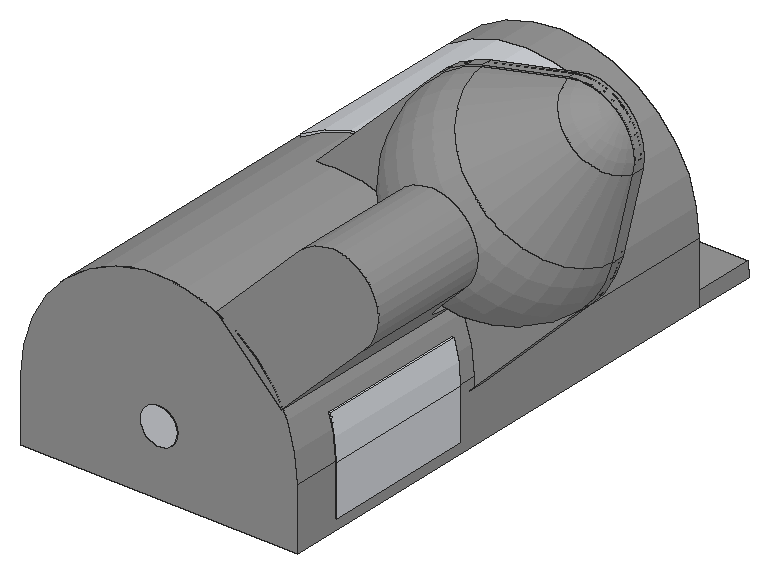
Revit family "Combination-Willoughby-ECF-1806-FA-R-ON", category Plumbing Fixtures, Revit 2015
Parameters (values of type "Standard")
  Waste DIA = 2 3/8"
  Waste Connection = yes
  W-RAD [instance] = Waste DIA / 2  # 0' - 1 3/16"
  Vent Connection = no
  URL = "https://www.willoughby-ind.com/wp-content/uploads/2018/04/1806-FA.pdf"
  Revision = "A"
  Model = "ECF-1806-FA-R-ON"
  Manufacturer = "Willoughby Industries"
  Lav Waste DIA = 1 1/2"
  Lav Waste Connection = yes
  L-RAD [instance] = Lav Waste DIA / 2  # 0' - 0 3/4"
  HW Connection = no
  Flush inlet DIA = 1 1/2"
  Flush Inlet Connection = yes
  Fixture Body = Stainless Steel AISI 304-Willoughby
  F-RAD [instance] = Flush inlet DIA / 2  # 0' - 0 3/4"
  Description = "1806 Front Access Combination Unit, Floor toilet waste outlet,  Right toilet, On Floor mounted"
  Default Elevation = 0' - 0"
  Contact Number = "(800) 428-4065"
  CW Connection = no
Reference planes (in)
  plane 1 "Center (Front/Back)": y = -16.25
  plane 2: z = 0
  plane 3 "Center (Left/Right)": x = 0
  plane 4 "Base": y = -16.25
  plane 5 "Rim hight": y = -1.5
  plane 6 "Seat height": y = -1.25
  plane 7: y = 20.25
  plane 8 "Waste offset": x = 0
  plane 9 "Lwaste ht": y = 8
  plane 10 "flush inlet HT": y = 4.25
  plane 11 "Left Sweep": through (11.84696, 0, 16.09696) normal (0.7071, 0, -0.7071)
  plane 12 "Right Sweep": through (-12.20051, 0, 16.45051) normal (0.7071, 0, 0.7071)
  plane 13: through (-55.90549, 0, 60.15549) normal (-0.7071, 0, -0.7071)
  plane 14: x = 6.375
  plane 15: x = 9
  plane 16 "Floor Waste": z = 4.25
Forms (in)
  Extrusion 1, solid, material "Stainless Steel AISI 304-Willoughby" <- "Fixture Body"
    sketch origin (0, -16.25, 0) x (1, 0, 0) y (0, 0, 1)
      loop
        line (9, 0) -> (9, 1) -> (-9, 1) -> (-9, 0) -> (9, 0)
    from -36.5 to -32.5
  Extrusion 2, solid, material "Stainless Steel AISI 304-Willoughby" <- "Fixture Body"
    sketch origin (-3.35108, 10.5, 0.89892) x (0.707107, 0, -0.707107) y (0.707107, 0, 0.707107)
      loop
        line (6.0079, 24.25317) -> (2.96593, 29.1083)
        arc (2.96593, 29.1083) -> (0, 30.75) -> (-2.96593, 29.1083) r 3.5
        line (-2.96593, 29.1083) -> (-6.0079, 24.25317)
        arc (-6.0079, 24.25317) -> (-6.68213, 22.74625) -> (-6.9847, 21.12334) r 7
        line (-6.9847, 21.12334) -> (-6.9847, 10.08034)
        arc (-6.9847, 10.08034) -> (0, 12.9735) -> (6.9847, 10.08034) r 9.87786
        line (6.9847, 10.08034) -> (6.9847, 20.19825)
        arc (6.9847, 20.19825) -> (6.80533, 22.30015) -> (6.0079, 24.25317) r 7
      loop
        line (4.24214, 22.50332) -> (1.839, 28.03617)
        arc (1.839, 28.03617) -> (0, 29.25) -> (-1.839, 28.03617) r 2
        line (-1.839, 28.03617) -> (-4.24214, 22.50332)
        arc (-4.24214, 22.50332) -> (0, 16.0358) -> (4.24214, 22.50332) r 4.625
    from 11.75 to 12.5
  Revolve 3, solid, material "Stainless Steel AISI 304-Willoughby" <- "Fixture Body"
    sketch origin (-3.35108, -1.5, 0.89892) x (0.707107, 0, -0.707107) y (0.707107, 0, 0.707107)
      loop
        arc (0, 13.6608) -> (6.08879, 17.20729) -> (6.0079, 24.25317) r 7
        line (6.0079, 24.25317) -> (2.96593, 29.1083)
        arc (2.96593, 29.1083) -> (1.69499, 30.31219) -> (0, 30.75) r 3.5
        line (0, 30.75) -> (0, 30.5)
        arc (0, 30.5) -> (1.57353, 30.09368) -> (2.75361, 28.97631) r 3.25
        line (2.75361, 28.97631) -> (5.71903, 24.24621)
        arc (5.71903, 24.24621) -> (5.9061, 17.39269) -> (0, 13.9108) r 6.75
        line (0, 13.9108) -> (0, 13.6608)
      axis (0, 13.6608) -> (0, 30.75)
    angle from 0 to -180
  Extrusion 4, solid
    sketch origin (0, -3.25, -9.00365) x (1, 0, 0) y (0, 0, -1)
      loop
        circle (0, -13.25) r 1.1875
    from -13 to -11.36225
  Extrusion 5, solid
    sketch origin (0, 0, 0) x (1, 0, 0) y (0, 1, 0)
      loop
        circle (0, 8) r 0.75
    from 0 to 1
  Extrusion 6, solid
    sketch origin (0, 0, 0) x (1, 0, 0) y (0, 1, 0)
      loop
        circle (6.375, 4.25) r 0.75
    from 0 to 1
  Extrusion 7, solid, material "Stainless Steel AISI 304-Willoughby" <- "Fixture Body"
    sketch origin (-77.55739, -16.25, -24.30859) x (1, 0, 0) y (0, 0, 1)
      loop
        line (86.55739, 24.30859) -> (86.55739, 28.33218)
        arc (86.55739, 28.33218) -> (77.55739, 37.33218) -> (68.55739, 28.33218) r 9
        line (68.55739, 28.33218) -> (68.55739, 24.30859) -> (86.55739, 24.30859)
    from -32.5 to 0
  Revolve 8, void
    sketch origin (-0.04219, 16.25, -0.04963) x (1, 0, 0) y (0, 0, 1)
      loop
        spline (6.44903, 7.42683) -> (6.2318, 8.59152) -> (5.59494, 9.67683) -> (4.58183, 10.60881) -> (3.26153, 11.32395) -> (1.724, 11.7735) -> (0.07403, 11.92683) -> (-1.57595, 11.7735) -> (-3.11347, 11.32395) -> (-4.43378, 10.60881) -> (-5.44689, 9.67683) -> (-6.08375, 8.59152) -> (-6.30097, 7.42683)
        line (-6.30097, 7.42683) -> (6.44903, 7.42683)
      axis (6.44903, 7.42683) -> (-6.30097, 7.42683)
    angle from 0 to -180
  Extrusion 9, solid, material "Stainless Steel AISI 304-Willoughby" <- "Fixture Body"
    sketch origin (-39.78935, -16.25, -4.29532) x (0.707107, 0, -0.707107) y (0.707107, 0, 0.707107)
      loop
        line (25.09287, 42.44465) -> (25.09287, 50.05787)
        arc (25.09287, 50.05787) -> (22.09287, 53.05787) -> (19.09287, 50.05787) r 3
        line (19.09287, 50.05787) -> (19.09287, 42.44465) -> (25.09287, 42.44465)
    from 0 to -8.02482
  Extrusion 10, solid, material "Stainless Steel AISI 304-Willoughby" <- "Fixture Body"
    sketch origin (-3.35876, 0, 0.89124) x (0, 1, 0) y (0.707107, 0, 0.707107)
      loop
        line (-8.22518, 13.01687) -> (-2, 13.01687) -> (-2, 13.69664)
        arc (-2, 13.69664) -> (-5.86283, 15.126) -> (-8.22518, 18.5) r 6.90673
        line (-8.22518, 18.5) -> (-8.22518, 13.01687)
    from -3 to 3
  Extrusion 11, solid
    sketch origin (-2, 0, 0) x (1, 0, 0) y (0, 1, 0)
      loop
        circle (4.25, 8) r 0.25
      loop
        circle (-0.25, 8) r 0.25
    from -0.125 to 0
  Extrusion 12, solid
    sketch origin (0, -16.25, 0) x (0, 0, -1) y (-1, 0, 0)
      loop
        line (-0.75, 9) -> (-0.75, 9.125) -> (-4.02359, 9.125)
        arc (-4.02359, 9.125) -> (-5.40264, 9.02019) -> (-6.75, 8.70818) r 9.125
        line (-6.75, 8.70818) -> (-6.75, 8.5771)
        arc (-6.75, 8.5771) -> (-5.4031, 8.89365) -> (-4.02359, 9) r 9
        line (-4.02359, 9) -> (-0.75, 9)
    from 3 to 13
  Extrusion 13, solid
    sketch origin (0, -16.25, 0) x (0, 0, -1) y (-1, 0, 0)
      loop
        line (-0.75, -9) -> (-4.02359, -9)
        arc (-4.02359, -9) -> (-5.4031, -8.89365) -> (-6.75, -8.5771) r 9
        line (-6.75, -8.5771) -> (-6.75, -8.70818)
        arc (-6.75, -8.70818) -> (-5.40264, -9.02019) -> (-4.02359, -9.125) r 9.125
        line (-4.02359, -9.125) -> (-0.75, -9.125) -> (-0.75, -9)
    from 3 to 13
  Extrusion 14, solid
    sketch origin (0, -16.25, 0) x (0, 0, -1) y (-1, 0, 0)
      loop
        arc (-11.65678, 5) -> (-13.14859, 0) -> (-11.65678, -5) r 9.125
        line (-11.65678, -5) -> (-11.50691, -5)
        arc (-11.50691, -5) -> (-13.02359, 0) -> (-11.50691, 5) r 9
        line (-11.50691, 5) -> (-11.65678, 5)
    from 17.75 to 29.75
Cuts and joins
  Revolve 8 cuts Extrusion 7
  joined: Extrusion 9, Extrusion 10
Lines and regions (in)
  model lines, detail levels coarse+medium
    curve 1: line (9, -16.25, 0) -> (9, -16.25, 1.0625)
    curve 2: line (-9, -16.25, 1.0625) -> (-9, -16.25, 0)
    curve 3: line (9, -16.25, 4.02359) -> (9, -16.25, 1.0625)
    curve 4: line (-9, -16.25, 1.0625) -> (-9, -16.25, 4.02359)
  symbolic lines
    curve 5: line (-9, -16.25, 0) -> (9, -16.25, 0)
    curve 6: line (9, -16.25, 0) -> (9, -16.25, 4.02359)
    curve 7: line (-9, -16.25, 0) -> (-9, -16.25, 4.02359)
    curve 8: arc (-9, -16.25, 4.02359) -> (0, -16.25, 13.02359) -> (9, -16.25, 4.02359) r 9
    curve 12: line (9, -16.25, 3.37214) -> (15.87017, -16.25, 10.24231)
    curve 13: line (18.04672, -16.25, 13.80027) -> (19.32882, -16.25, 19.38436)
    curve 14: arc (19.32882, -16.25, 19.38436) -> (19.28141, -16.25, 21.13434) -> (18.39245, -16.25, 22.64245) r 3.5
    curve 15: arc (18.39245, -16.25, 22.64245) -> (16.88434, -16.25, 23.53141) -> (15.13436, -16.25, 23.57882) r 3.5
    curve 16: line (15.13436, -16.25, 23.57882) -> (9.69373, -16.25, 22.33122)
    curve 17: arc (9.69373, -16.25, 22.33122) -> (7.66855, -16.25, 21.51777) -> (5.99231, -16.25, 20.12017) r 7
    curve 18: line (5.99231, -16.25, 20.12017) -> (-1.18226, -16.25, 12.9456)
    curve 24: arc (15.87017, -16.25, 10.24231) -> (17.24857, -16.25, 11.84381) -> (18.04672, -16.25, 13.80027) r 6.56384
    curve 25: line (0, -16.25, 0) -> (0, 20.25, 0)
    curve 26: line (0, 20.25, 0) -> (0, 20.25, 1)
    curve 27: line (0, 20.25, 1) -> (0, 16.25, 1)
    curve 28: line (0, 16.25, 1) -> (0, 16.25, 13.02359)
    curve 29: line (0, 16.25, 13.02359) -> (0, -16.25, 13.02359)
    curve 30: line (0, -16.25, 13.02359) -> (0, -16.25, 0)
    curve 31: line (0, -2, 8.53425) -> (0, -2, 3.38322)
    curve 32: line (0, -2, 3.38322) -> (0, -1.25, 3.38322)
    curve 33: line (0, -1.25, 3.38322) -> (0, -1.25, 23.66758)
    curve 34: line (0, -1.25, 23.66758) -> (0, -2, 23.66758)
    curve 35: arc (0, -2, 23.66758) -> (0, -2.97383, 23.32674) -> (0, -3.84197, 22.76919) r 4.41512
    curve 36: line (0, -3.84197, 22.76919) -> (0, -5.84484, 21.00201)
    curve 37: arc (0, -5.84484, 21.00201) -> (0, -7.44998, 19.21416) -> (0, -8.33365, 16.97989) r 6.80427
    curve 38: line (0, -8.33365, 16.97989) -> (0, -16.25, 16.97989)
    curve 39: arc (0, -2, 8.53425) -> (0, -5.01664, 9.44629) -> (0, -7.31482, 11.60276) r 6.91192
    curve 40: arc (0, -7.31482, 11.60276) -> (0, -8.02928, 13.07924) -> (0, -8.31912, 14.69369) r 6.02607
    curve 41: line (0, -8.31912, 14.69369) -> (0, -8.31912, 16.94369)
    curve 42: line (0, -4.86433, 9.36091) -> (0, -16.25, 9.36091)
    curve 43: line (-9, -16.25, 0) -> (-9, 20.25, 0)
    curve 44: line (-9, 20.25, 0) -> (9, 20.25, 0)
    curve 45: line (9, 20.25, 0) -> (9, -16.25, 0)
    curve 46: line (9, -16.25, 0) -> (-9, -16.25, 0)
    curve 47: line (-9, 16.25, 0) -> (9, 16.25, 0)
    curve 48: line (-1.16214, -2, 0) -> (4.25687, -2, 0)
    curve 49: arc (4.25687, -2, 0) -> (5.8291, -5.91885, 0) -> (9.36833, -8.2217, 0) r 7.00373
    curve 50: arc (9.36833, -8.2217, 0) -> (11.03885, -8.47892, 0) -> (12.72325, -8.33886, 0) r 7.18676
    curve 51: arc (12.72325, -8.33886, 0) -> (14.41888, -7.74661, 0) -> (15.89468, -6.72293, 0) r 6.66221
    curve 52: line (15.89468, -6.72293, 0) -> (18.52141, -3.84237, 0)
    curve 53: arc (18.52141, -3.84237, 0) -> (19.10241, -2.98584, 0) -> (19.41758, -2, 0) r 3.62355
    curve 54: line (19.41758, -2, 0) -> (19.41758, -1.25, 0)
    curve 55: line (19.41758, -1.25, 0) -> (-1.16214, -1.25, 0)
    curve 56: line (-1.16214, -1.25, 0) -> (-1.16214, -2, 0)
    curve 57: line (5.10781, -4.85514, 0) -> (5.10781, -16.25, 0)
    curve 58: line (12.72325, -8.33886, 0) -> (12.72325, -16.25, 0)
    curve 59: line (12.72325, -16.25, 0) -> (6.375, -16.25, 0)
    curve 60: line (0, -16.25, 16.97989) -> (0, -16.25, 9.36091)
  symbolic lines, detail levels medium+fine
    curve 9: line (9, -16.25, 1) -> (-9, -16.25, 1)
  symbolic lines, detail levels fine
    curve 10: spline (6.40684, -16.25, 7.3772) -> (6.18962, -16.25, 6.21252) -> (5.55275, -16.25, 5.1272) -> (4.53965, -16.25, 4.19522) -> (3.21934, -16.25, 3.48009) -> (1.68181, -16.25, 3.03054) -> (0.03184, -16.25, 2.8772) -> (-1.61813, -16.25, 3.03054) -> (-3.15566, -16.25, 3.48009) -> (-4.47597, -16.25, 4.19522) -> (-5.48907, -16.25, 5.1272) -> (-6.12594, -16.25, 6.21252) -> (-6.34316, -16.25, 7.3772)
    curve 11: spline (-6.34316, -16.25, 7.3772) -> (-6.12594, -16.25, 8.54189) -> (-5.48907, -16.25, 9.6272) -> (-4.47597, -16.25, 10.55918) -> (-3.15566, -16.25, 11.27432) -> (-1.61813, -16.25, 11.72387) -> (0.03184, -16.25, 11.8772) -> (1.68181, -16.25, 11.72387) -> (3.21934, -16.25, 11.27432) -> (4.53965, -16.25, 10.55918) -> (5.55275, -16.25, 9.6272) -> (6.18962, -16.25, 8.54189) -> (6.40684, -16.25, 7.3772)
    curve 19: line (15.17311, -16.25, 22.02386) -> (9.56153, -16.25, 19.81081)
    curve 20: arc (9.56153, -16.25, 19.81081) -> (7.98794, -16.25, 12.23794) -> (15.56081, -16.25, 13.81153) r 4.625
    curve 21: line (15.56081, -16.25, 13.81153) -> (17.77386, -16.25, 19.42311)
    curve 22: arc (17.77386, -16.25, 19.42311) -> (17.87353, -16.25, 20.56813) -> (17.33179, -16.25, 21.58179) r 2.01767
    curve 23: arc (17.33179, -16.25, 21.58179) -> (16.31813, -16.25, 22.12353) -> (15.17311, -16.25, 22.02386) r 2.01767
Dimensions and locks (in)
  locked: plane 6 "Seat height" to plane 5 "Rim hight" at 0.25
  plane 6 "Seat height" to plane 4 "Base" = 1' - 3"  (x2)
  locked: Extrusion 2 to Extrusion 2 at 0.75
  plane 9 "Lwaste ht" to plane 4 "Base" = 2' - 0 1/4"
  plane 10 "flush inlet HT" to plane 4 "Base" = 1' - 8 1/2"  (x2)
  plane 14 to plane 15 = 0' - 2 5/8"
  locked: cut or joined group of Extrusion 7, Revolve 8 to cut or joined group of Extrusion 7, Revolve 8 at 18
  plane 9 "Lwaste ht" to plane 1 "Center (Front/Back)" = 2' - 0 1/4"
  plane 2 to plane 16 "Floor Waste" = 0' - 4 1/4"
  plane 16 "Floor Waste" to level = 0' - 4 1/4"
  cut or joined group of Extrusion 7, Revolve 8 to plane 4 "Base" = 2' - 8 1/2"
  plane 4 "Base" to plane 7 = 3' - 0 1/2"
  Extrusion 1 to plane 15 = 1' - 6"
  locked: plane 3 "Center (Left/Right)" to plane 15 at 9
  "L-RAD": radius of Extrusion 5 sketch curve
  "F-RAD": radius of Extrusion 6 sketch curve
  radius of cut or joined group of Extrusion 7, Revolve 8 = 0' - 9"
  aligned and locked: Extrusion 1 to plane 7
  aligned and locked: plane 9 "Lwaste ht" to Extrusion 5 sketch curve
  aligned and locked: Extrusion 5 sketch curve to plane 8 "Waste offset"
  aligned and locked: plane 10 "flush inlet HT" to Extrusion 6 sketch curve
  aligned and locked: Extrusion 2 to plane 6 "Seat height"
  aligned and locked: Revolve 3 to plane 5 "Rim hight"
  aligned and locked: Revolve 8 sketch curve to Revolve 8 sketch curve
  aligned and locked: plane 14 to Extrusion 6 sketch curve
  aligned and locked: plane 15 to cut or joined group of Extrusion 7, Revolve 8
  aligned and locked: plane 1 "Center (Front/Back)" to Extrusion 7
  aligned and locked: Extrusion 7 to Extrusion 1  (x2)
  aligned and locked: Extrusion 1 to Extrusion 7
  aligned and locked: Extrusion 1 to cut or joined group of Extrusion 7, Revolve 8  (x2)
  aligned and locked: Extrusion 7 to level
  aligned and locked: Extrusion 7 to plane 15
  aligned and locked: Extrusion 1 to Extrusion 5
  aligned and locked: Extrusion 1 to level
  aligned and locked: plane 1 "Center (Front/Back)" to Extrusion 4
Automatic sketch dimensions
  plane 1 "Center (Front/Back)" to curve 43 = 0' - 0"
  plane 7 to curve 43 = 0' - 0"
  plane 6 "Seat height" to curve 56 = 0' - 0"
  plane 1 "Center (Front/Back)" to curve 59 = 0' - 0"
  curve 59 to plane 14 = 0' - 0"
  curve 46 to plane 15 = 0' - 0"
  plane 5 "Rim hight" to curve 48 = 0' - 0 1/2"
  curve 48 to plane 14 = 0' - 2.11813"
  curve 55 to plane 3 "Center (Left/Right)" = 0' - 1.16214"
  curve 46 to plane 3 "Center (Left/Right)" = 0' - 9"
  curve 49 to plane 5 "Rim hight" = 0' - 0.0271"
  curve 49 to plane 15 = 0' - 2.24074"
  plane 6 "Seat height" to curve 50 = 0' - 0.04654"
  curve 49 to curve 50 = 0' - 0.04893"
  plane 5 "Rim hight" to curve 51 = 0' - 0.31054"
  curve 49 to curve 51 = 0' - 0.15357"
  curve 49 to curve 58 = 0' - 3.35492"
  curve 53 to plane 5 "Rim hight" = 0' - 0.09918"
  curve 51 to curve 53 = 0' - 4.44961"
  plane 5 "Rim hight" to curve 52 = 0' - 5.22293"
  plane 5 "Rim hight" to curve 52 = 0' - 2.34237"
  curve 53 to curve 52 = 0' - 2.6775"
  curve 52 to curve 55 = 0' - 0.89617"
  curve 57 to plane 14 = 0' - 1.26719"
  curve 47 to curve 44 = 0' - 4"
  curve 25 to level = 0' - 0"
  curve 25 to plane 1 "Center (Front/Back)" = 0' - 0"
  curve 60 to plane 1 "Center (Front/Back)" = 0' - 0"
  curve 33 to plane 6 "Seat height" = 0' - 0"
  curve 26 to plane 7 = 0' - 0"
  plane 5 "Rim hight" to curve 38 = 0' - 6.83365"
  curve 37 to curve 41 = 0' - 0.01453"
  plane 5 "Rim hight" to curve 36 = 0' - 4.34484"
  plane 5 "Rim hight" to curve 36 = 0' - 2.34197"
  plane 5 "Rim hight" to curve 40 = 0' - 0.79814"
  plane 5 "Rim hight" to curve 32 = 0' - 0 1/2"
  plane 5 "Rim hight" to curve 34 = 0' - 0 1/2"
  plane 5 "Rim hight" to curve 37 = 0' - 0.16386"
  plane 5 "Rim hight" to curve 39 = 0' - 0.06068"
  curve 35 to plane 6 "Seat height" = 0' - 0.21163"
  plane 7 to curve 28 = 0' - 4"
  level to curve 27 = 0' - 1"
  curve 32 to plane 16 "Floor Waste" = 0' - 0.86678"
  plane 16 "Floor Waste" to curve 31 = 0' - 4.28425"
  plane 16 "Floor Waste" to curve 29 = 0' - 8.77359"
  curve 29 to curve 41 = 0' - 1.6701"
  curve 41 to curve 40 = 0' - 0.24771"
  curve 40 to curve 39 = 0' - 0.49079"
  curve 39 to curve 37 = 0' - 0.20164"
  curve 29 to curve 60 = 0' - 3.95629"
  curve 37 to curve 35 = 0' - 3.72463"
  curve 36 to curve 36 = 0' - 1.76718"
  curve 42 to curve 31 = 0' - 2.86433"
  curve 41 to curve 38 = 0' - 0.03619"
  curve 2 to level = 0' - 0"
  plane 15 to curve 3 = 0' - 0"
  curve 1 to level = 0' - 0"
  level to curve 2 = 0' - 1 1/16"
  curve 2 to plane 3 "Center (Left/Right)" = 0' - 9"
  curve 1 to curve 3 = 0' - 1 1/16"
  curve 4 to plane 16 "Floor Waste" = 0' - 0.22641"
  curve 3 to plane 16 "Floor Waste" = 0' - 0.22641"
  Extrusion 1 sketch curve to level = 0' - 0"
  plane 15 to Extrusion 1 sketch curve = 0' - 0"
  level to Extrusion 1 sketch curve = 0' - 1"
  Extrusion 1 sketch curve to plane 3 "Center (Left/Right)" = 0' - 9"
  Extrusion 2 sketch curve to Extrusion 2 sketch curve = 0' - 0"  (x8)
  Extrusion 2 sketch curve to plane 11 "Left Sweep" = 0' - 0"  (x3)
  Extrusion 2 sketch curve to plane 11 "Left Sweep" = 0' - 1.839"
  Extrusion 2 sketch curve to Extrusion 2 sketch curve = 0' - 1.12693"  (x2)
  Extrusion 2 sketch curve to plane 11 "Left Sweep" = 0' - 4.24214"
  Extrusion 2 sketch curve to Extrusion 2 sketch curve = 0' - 1.76576"  (x2)
  Extrusion 2 sketch curve to Extrusion 2 sketch curve = 0' - 2.74256"  (x2)
  plane 11 "Left Sweep" to Extrusion 2 sketch curve = 0' - 1.839"
  plane 11 "Left Sweep" to Extrusion 2 sketch curve = 0' - 4.24214"
  Extrusion 2 sketch curve to plane 12 "Right Sweep" = 0' - 1.64351"
  plane 12 "Right Sweep" to Extrusion 2 sketch curve = 0' - 5.34119"
  Extrusion 2 sketch curve to Extrusion 2 sketch curve = 0' - 10.11791"
  Extrusion 2 sketch curve to Extrusion 2 sketch curve = 0' - 0.46255"  (x2)
  Extrusion 2 sketch curve to Extrusion 2 sketch curve = 0' - 1.74985"
  Extrusion 2 sketch curve to Extrusion 2 sketch curve = 0' - 4.74668"
  Extrusion 2 sketch curve to Extrusion 2 sketch curve = 0' - 0.78617"
  Extrusion 2 sketch curve to Extrusion 2 sketch curve = 0' - 1.07212"
  Revolve 3 sketch curve to Revolve 3 sketch curve = 0' - 0"  (x3)
  Revolve 3 sketch curve to plane 11 "Left Sweep" = 0' - 0"  (x4)
  plane 11 "Left Sweep" to Revolve 3 sketch curve = 0' - 2.75361"
  Revolve 3 sketch curve to Revolve 3 sketch curve = 0' - 0.21232"
  Revolve 3 sketch curve to Revolve 3 sketch curve = 0' - 2.96542"
  Revolve 3 sketch curve to Revolve 3 sketch curve = 0' - 0.28887"
  plane 12 "Right Sweep" to Revolve 3 sketch curve = 0' - 8.92165"
  Revolve 3 sketch curve to Revolve 3 sketch curve = 0' - 0 1/4"
  Revolve 3 sketch curve to Revolve 3 sketch curve = 0' - 6 3/4"
  Revolve 3 sketch curve to Revolve 3 sketch curve = 0' - 3.00379"
  Revolve 3 sketch curve to Revolve 3 sketch curve = 0' - 1.72631"
  Revolve 3 sketch curve to Revolve 3 sketch curve = 0' - 0.13199"
  Revolve 3 sketch curve to Revolve 3 sketch curve = 0' - 2.4108"
  Revolve 3 sketch curve to Revolve 3 sketch curve = 0' - 3 1/4"
  Extrusion 7 sketch curve to level = 0' - 0"
  Extrusion 7 sketch curve to plane 3 "Center (Left/Right)" = 0' - 0"
  plane 15 to Extrusion 7 sketch curve = 0' - 0"
  Extrusion 7 sketch curve to plane 16 "Floor Waste" = 0' - 0.22641"
  plane 16 "Floor Waste" to Revolve 8 sketch curve = 0' - 3.1272"
  Revolve 8 sketch curve to plane 3 "Center (Left/Right)" = 0' - 6.34316"
  plane 14 to Revolve 8 sketch curve = 0' - 0.03184"
  Revolve 8 sketch curve to Revolve 8 sketch curve = 0' - 5 1/8"
  Revolve 8 sketch curve to Revolve 8 sketch curve = 0' - 0 7/8"
  plane 5 "Rim hight" to Extrusion 10 sketch curve = 0' - 6.72518"
  plane 5 "Rim hight" to Extrusion 10 sketch curve = 0' - 0 1/2"
  plane 5 "Rim hight" to Extrusion 10 sketch curve = 0' - 0.14358"
  plane 12 "Right Sweep" to Extrusion 10 sketch curve = 0' - 8.26687"
  Extrusion 10 sketch curve to Extrusion 10 sketch curve = 0' - 0.67976"
  Extrusion 10 sketch curve to Extrusion 10 sketch curve = 0' - 5.48313"
  curve 14 to curve 15 = 0' - 0"  (x2)
  curve 17 to curve 20 = 0' - 0"  (x2)
  curve 14 to plane 11 "Left Sweep" = 0' - 0"  (x2)
  curve 23 to plane 11 "Left Sweep" = 0' - 0"
  curve 20 to plane 11 "Left Sweep" = 0' - 0"
  plane 15 to curve 8 = 0' - 0"
  curve 8 to plane 3 "Center (Left/Right)" = 0' - 0"
  curve 5 to level = 0' - 0"
  curve 6 to plane 16 "Floor Waste" = 0' - 0.22641"
  plane 16 "Floor Waste" to curve 12 = 0' - 5.99231"
  curve 13 to curve 12 = 0' - 3.55796"
  curve 21 to curve 13 = 0' - 0.01125"
  curve 24 to curve 21 = 0' - 1.45757"
  curve 17 to curve 24 = 0' - 0.23921"
  curve 13 to curve 13 = 0' - 5.58409"
  curve 21 to curve 14 = 0' - 0.03875"
  curve 19 to plane 15 = 0' - 0.56153"
  curve 19 to curve 17 = 0' - 4.30251"
  curve 18 to plane 14 = 0' - 0.38269"
  curve 18 to curve 19 = 0' - 0.30935"
  curve 23 to curve 22 = 0' - 0.72376"
  curve 22 to curve 23 = 0' - 0.01646"
  curve 15 to curve 22 = 0' - 0.00424"
  curve 19 to plane 15 = 0' - 6.17311"
  curve 19 to curve 22 = 0' - 1.86052"
  curve 16 to plane 15 = 0' - 0.69373"
  curve 16 to plane 15 = 0' - 6.13436"
  curve 16 to curve 19 = 0' - 1.55496"
  curve 13 to curve 20 = 0' - 2.48591"
  curve 14 to curve 21 = 0' - 1.55496"
  curve 15 to curve 23 = 0' - 0.00424"
  curve 12 to curve 20 = 0' - 0.30935"
  curve 9 to curve 5 = 0' - 1"
  curve 6 to curve 12 = 0' - 0.65145"
  plane 3 "Center (Left/Right)" to curve 10 = 0' - 0.03184"
  plane 16 "Floor Waste" to curve 10 = 0' - 3.1272"
  curve 18 to plane 3 "Center (Left/Right)" = 0' - 1.18226"
  plane 14 to curve 10 = 0' - 0.03184"
  Extrusion 11 sketch curve to plane 9 "Lwaste ht" = 0' - 0"  (x2)
  Extrusion 11 sketch curve to plane 3 "Center (Left/Right)" = 0' - 2 1/4"
  plane 3 "Center (Left/Right)" to Extrusion 11 sketch curve = 0' - 2 1/4"
  Extrusion 12 sketch curve to Extrusion 12 sketch curve = 0' - 0"  (x2)
  Extrusion 12 sketch curve to plane 3 "Center (Left/Right)" = 0' - 0"
  plane 16 "Floor Waste" to Extrusion 12 sketch curve = 0' - 2 1/2"
  Extrusion 12 sketch curve to plane 16 "Floor Waste" = 0' - 0.22641"
  level to Extrusion 12 sketch curve = 0' - 0 3/4"
  Extrusion 12 sketch curve to plane 3 "Center (Left/Right)" = 0' - 8.5771"
  Extrusion 12 sketch curve to Extrusion 12 sketch curve = 0' - 0.13107"
  Extrusion 13 sketch curve to Extrusion 13 sketch curve = 0' - 0"  (x2)
  plane 15 to Extrusion 13 sketch curve = 0' - 0"
  Extrusion 13 sketch curve to plane 3 "Center (Left/Right)" = 0' - 0"
  Extrusion 13 sketch curve to plane 15 = 0' - 0.29182"
  Extrusion 13 sketch curve to plane 16 "Floor Waste" = 0' - 2 1/2"
  plane 16 "Floor Waste" to Extrusion 13 sketch curve = 0' - 0.22641"
  Extrusion 13 sketch curve to level = 0' - 0 3/4"
  Extrusion 14 sketch curve to plane 3 "Center (Left/Right)" = 0' - 0"
  Extrusion 14 sketch curve to plane 16 "Floor Waste" = 0' - 0.22641"
  Extrusion 14 sketch curve to plane 14 = 0' - 1 3/8"
  Extrusion 14 sketch curve to Extrusion 14 sketch curve = 0' - 0"  (x2)
  Extrusion 14 sketch curve to Extrusion 14 sketch curve = 0' - 0.14988"  (x2)
  plane 16 "Floor Waste" to Extrusion 14 sketch curve = 0' - 7.25691"
  Extrusion 9 sketch curve to plane 11 "Left Sweep" = 0' - 0"
  Extrusion 9 sketch curve to plane 11 "Left Sweep" = 0' - 3"
  plane 12 "Right Sweep" to Extrusion 9 sketch curve = 1' - 3.8801"
  Extrusion 9 sketch curve to Extrusion 9 sketch curve = 0' - 7.61323"
  Extrusion 4 sketch curve to plane 3 "Center (Left/Right)" = 0' - 0"
  Extrusion 4 sketch curve to plane 16 "Floor Waste" = 0' - 0.00365"
  radius of Extrusion 11 sketch curve = 0' - 0 1/4"  (x2)
  radius of Extrusion 4 sketch curve = 0' - 1 3/16"
Connectors (in)
  piping at (0, -16.25, 4.24635), diameter 2.375, driven by "W-RAD", driven by "Waste Connection"
    settings: on Extrusion 4, index 1, connector inside diameter 2 1/4", connector length 0' - 0", flow factor 0, pipe flow 0 GPM, pressure drop 0.00 psi, fitting loss kfactor 0, connector angle 0.00°, fixture units 0, engagement length 0' - 0", angle of deflection 0.00°, flow configuration 3, flow direction 2, fitting loss method 0, system type 16, joint type 0, gender type 0, connector reference index -1, connector utility 1, adjustable connector yes, is connector primary yes, connector description "Toilet Waste"
  piping at (0, 8, 1), diameter 1.5, driven by "L-RAD", driven by "Lav Waste Connection"
    settings: on Extrusion 5, index 2, connector inside diameter 1 1/2", connector length 0' - 0", flow factor 0, pipe flow 0 GPM, pressure drop 0.00 psi, fitting loss kfactor 0, connector angle 0.00°, fixture units 0, engagement length 0' - 0", angle of deflection 0.00°, flow configuration 3, flow direction 2, fitting loss method 0, system type 16, joint type 0, gender type 0, connector reference index -1, connector utility 1, adjustable connector yes, is connector primary no, connector description "Sink Waste"
  piping at (6.375, 4.25, 1), diameter 1.5, driven by "F-RAD", driven by "Flush Inlet Connection"
    settings: on Extrusion 6, index 3, connector inside diameter 1 1/2", connector length 0' - 0", flow factor 0, pipe flow 0 GPM, pressure drop 0.00 psi, fitting loss kfactor 0, connector angle 0.00°, fixture units 0, engagement length 0' - 0", angle of deflection 0.00°, flow configuration 3, flow direction 1, fitting loss method 0, system type 20, joint type 0, gender type 0, connector reference index -1, connector utility 1, adjustable connector yes, is connector primary no, connector description "Flushing Inlet"
  piping at (-2.25, 8, 0), diameter 0.5
    settings: on Extrusion 11, index 4, connector inside diameter 24", connector length 0' - 0", flow factor 0, pipe flow 0 GPM, pressure drop 0.00 psi, fitting loss kfactor 0, connector angle 0.00°, fixture units 0, engagement length 0' - 0", angle of deflection 0.00°, flow configuration 0, flow direction 0, fitting loss method 0, system type 19, joint type 0, gender type 0, connector reference index -1, connector utility 0, adjustable connector no, is connector primary no, connector description ""
  piping at (2.25, 8, 0), diameter 0.5
    settings: on Extrusion 11, index 5, connector inside diameter 24", connector length 0' - 0", flow factor 0, pipe flow 0 GPM, pressure drop 0.00 psi, fitting loss kfactor 0, connector angle 0.00°, fixture units 0, engagement length 0' - 0", angle of deflection 0.00°, flow configuration 0, flow direction 0, fitting loss method 0, system type 20, joint type 0, gender type 0, connector reference index -1, connector utility 0, adjustable connector no, is connector primary no, connector description ""
